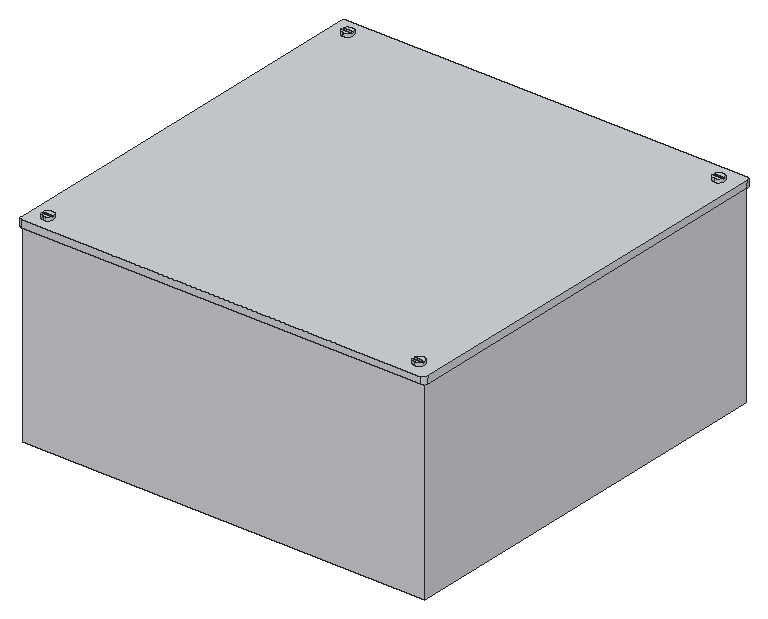
Revit family "AB15G", category Generic Models, Revit 2017
Family settings
  Can host rebar = No
  Round Connector Dimension = Use Diameter
  Part Type = Normal
  Work Plane-Based = Yes
  Always vertical = No
  Cut with Voids When Loaded = No
  Shared = No
  Room Calculation Point = No
Parameters (values of type "NBS Standard Parameters")
  Weight = "0.9791Kg"
  WarrantyStartDate [instance] = "1900-12-31T23:59:59"
  WarrantyGuarantorParts = "n/a"
  WarrantyGuarantorLabor = "n/a"
  WarrantyDurationUnit = "1 year"
  WarrantyDurationParts = "n/a"
  WarrantyDurationLabor = "n/a"
  WarrantyDescription = "n/a"
  Version = "1"
  Uniclass2 = "Pr_65_52_01_86"
  TagNumber [instance] = "n/a"
  SustainabilityPerformance = "n/a"
  Size = "150x150x100mm (6x6x4 inches)"
  Shape = "Square"
  SerialNumber [instance] = "n/a"
  Revision = "n/a"
  ReplacementCost = "n/a"
  ProductInformation = "www.metpro.co.uk/pdf/ab15g.pdf"
  NominalWidth = 150 mm
  NominalLength = 150 mm
  NominalHeight = 100 mm
  Name = ""
  NBSTypeID = ""
  NBSReference = "45-35-00/340"
  NBSOfficeMasterTag = ""
  NBSNote = ""
  NBSDescription = "Surface Box"
  NBSCertification = ""
  ModelReference = "AB15G"
  ModelNumber = "n/a"
  Material = "Galvanised Steel Sheet"
  ManufacturerURL = "www.metpro.co.uk"
  ManufacturerName = "Metpro Ltd"
  Keynote = "Compliant to LU standard 1-085"
  InstallationDate [instance] = "1900-12-31T23:59:59"
  IfcExportType = ""
  IfcExportAs = ""
  Grade = "n/a"
  Finish = "Pregalvanised Sheet Steel"
  Features = "n/a"
  ExpectedLife = "n/a"
  DurationUnit = "year"
  Description = "AB15G -150x150x100 (6x6x4 inch ) Adaptable Box - Plain"
  Default Elevation = 1219.2 mm
  Constituents = "n/a"
  Color = "n/a"
  CodePerformance = "n/a"
  Category = "n/a"
  BarCode [instance] = "n/a"
  BIMObjectName = "metpro_metprolibrary_surfaceboxes_adaptablebox_plainsided"
  Author = "Metpro limited"
  AssetType = ""
  AssetIdentifier [instance] = "n/a"
  AccessibilityPerformance = "n/a"
Reference planes
  plane 1 "Center (Front/Back)": y = 0
  plane 2: z = 0
  plane 3 "Center (Left/Right)": x = 0
Forms (mm)
  Extrusion 1, solid
    sketch origin (118, -1.199, 42) x (0, -1, 0) y (1, 0, 0)
      loop
        line (-2.199, -155) -> (-2.199, -5) -> (-152.199, -5) -> (-152.199, -155) -> (-2.199, -155)
    from 0 to 72.5
  Extrusion 2, solid
    sketch origin (118, -1.199, 114.5) x (0, -1, 0) y (1, 0, 0)
      loop
        line (-151.75, -156) -> (-2.599, -156)
        arc (-2.599, -156) -> (-1.609, -155.59) -> (-1.199, -154.6) r 1.4
        line (-1.199, -154.6) -> (-1.199, -5.4)
        arc (-1.199, -5.4) -> (-1.609, -4.41) -> (-2.599, -4) r 1.4
        line (-2.599, -4) -> (-151.799, -4)
        arc (-151.799, -4) -> (-152.789, -4.41) -> (-153.199, -5.4) r 1.4
        line (-153.199, -5.4) -> (-153.199, -154.551)
        arc (-153.199, -154.551) -> (-152.774, -155.576) -> (-151.75, -156) r 1.449
    from 0 to 2.5
  Extrusion 3, solid
    sketch origin (118, -1.199, 117) x (0, -1, 0) y (1, 0, 0)
      loop
        circle (-147.199, -149.75) r 2
      loop
        circle (-7.199, -149.75) r 2
      loop
        circle (-147.199, -11) r 2
      loop
        circle (-7.199, -11) r 2
    from 0 to 1
  Extrusion 4, void
    sketch origin (118, -1.199, 118) x (1, 0, 0) y (0, -1, 0)
      loop
        line (-155, -146.644) -> (-155, -147.685) -> (-144.48, -147.685) -> (-144.48, -146.644) -> (-155, -146.644)
      loop
        line (-155, -6.678) -> (-155, -7.678) -> (-144.037, -7.678) -> (-144.037, -6.678) -> (-155, -6.678)
      loop
        line (-16, -146.826) -> (-16, -147.661) -> (-6.823, -147.661) -> (-6.823, -146.826) -> (-16, -146.826)
      loop
        line (-16, -6.516) -> (-16, -7.511) -> (-5.123, -7.511) -> (-5.123, -6.516) -> (-16, -6.516)
    from 0 to 0.5
Cuts and joins
  Extrusion 4 cuts Extrusion 3
Dimensions and locks
  aligned and locked: level to plane 2
